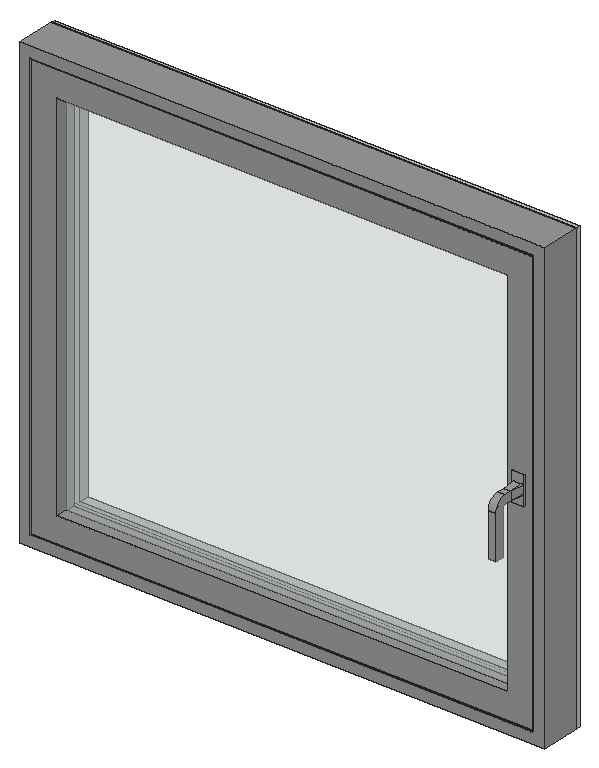
Revit family "Lian - System Window - Wood-Aluminium", category Windows, host Wall, Revit 2017
Family settings
  Host = Wall
  Always vertical = Yes
  Cut with Voids When Loaded = No
  Shared = No
  Room Calculation Point = No
Parameters
  hosted on bimbear.com® = "www.bimbear.com"
  Width = [02.5 - Window Width]  # 1380 mm
  URL = "http://www.lian.no/"
  Type Image = <None>
  Type Comments = "Wood - Aluminium"
  Rough Width = [02 - Opening Width]  # 1400 mm
  Rough Height = [01 - Opening Height]  # 1200 mm
  Opening Lines = no
  OFS = [07 - Offset] + 1500 mm  # 1500 mm
  Model = "Inward Opening - System Window"
  Manufacturer = "Lian"
  Height = [01.5 - Window Height]  # 1180 mm
  GAP = [08 - Sealant Gap] * 2  # 20 mm
  Construction Type = ""
  Assembly Code = ""
  Analytic Construction = "<None>"
  11 - Sound Transmission Class = ""
  10 - Fire Rating = ""
  08 - Sealant Gap = 10 mm
  07 - Offset = 0 mm
  05.5 - Material Glass = Glass
  05.2 - Material Interior Frame = NCS S 0500-N
  05.1 - Material Exterior Frame = RAL 9018
  02.5 - Window Width = [02 - Opening Width] - GAP  # 1380 mm
  02 - Opening Width = 1400 mm
  01.5 - Window Height = [01 - Opening Height] - GAP  # 1180 mm
  01 - Opening Height = 1200 mm
Reference planes
  plane 1 "Wall": y = 0
  plane 2 "Center (Left/Right)": x = 125
  plane 3 "Back": y = 75
  plane 4: x = -575
  plane 5: z = 1200
  plane 6: x = 825
  plane 7: x = -565
  plane 8: z = 10
  plane 9: x = 815
  plane 10: z = 1190
  plane 11 "VINDU": y = 0
  plane 12: y = -1500
  plane 13: z = 600
  plane 14: x = 730.997
  plane 15: x = -480.997
  plane 16: z = 102
  plane 17: z = 1105.997
Forms (mm)
  Extrusion 1, solid, material "Glass" <- "05.5 - Material Glass"
    sketch origin (125, 0, 0) x (0, 1, 0) y (0, 0, 1)
      loop
        line (0, 1105.997) -> (-44, 1105.997) -> (-44, 102) -> (0, 102) -> (0, 1105.997)
    from -605.997 to 605.997
  Sweep 2, solid, material "NCS S 0500-N" <- "05.2 - Material Interior Frame"
    path origin (0, 0, 0) x (0, 0, -1) y (-1, 0, 0)
      loop
        line (-1190, 565) -> (-1190, -815) -> (-10, -815) -> (-10, 565) -> (-1190, 565)
    profile origin (125, 0, 1190) x (0, 0, -1) y (0, 1, 0)
      loop
        line (84.003, -18.045) -> (84.003, 15.775) -> (55, 15.775) -> (55, 31.775) -> (0, 31.775) -> (0, -73.225) -> (27, -73.225) -> (27, -70.225) -> (32, -70.225) -> (32, -73.225) -> (98.003, -73.225) -> (98.003, -44) -> (84.003, -44) -> (84.003, -18.045)
  Sweep 3, solid, material "RAL 9018" <- "05.1 - Material Exterior Frame"
    path origin (0, 0, 0) x (0, 0, -1) y (-1, 0, 0)
      loop
        line (-1190, 565) -> (-1190, -815) -> (-10, -815) -> (-10, 565) -> (-1190, 565)
    profile origin (125, 0, 1190) x (0, 0, -1) y (0, 1, 0)
      loop
        line (0, 42.275) -> (0, 31.775) -> (55, 31.775) -> (55, 15.775) -> (80.003, 15.775) -> (80.003, 0) -> (97.84, 0) -> (97.84, 26.275) -> (58.835, 26.275) -> (58.835, 42.275) -> (0, 42.275)
Lines and regions (mm)
  Opening 1
    outline origin (-5000, -75, 0) x (1, 0, 0) y (0, 0, 1)
      loop
        line (5825, 1200) -> (4425, 1200) -> (4425, 0) -> (5825, 0) -> (5825, 1200)
  symbolic lines, detail levels coarse
    curve 1: line (-575, 0, 0) -> (825, 0, 0)
    curve 2: line (125, 0, 1190) -> (125, 0, 10)
  symbolic lines, style "OpeningLine", visible <- "Opening Lines"
    curve 3: line (717.16, 0, 600) -> (-467.16, 0, 1092.16)
    curve 4: line (717.16, 0, 600) -> (-467.16, 0, 107.84)
    curve 5: line (-467.16, 0, 107.84) -> (125, 0, 1092.16)
    curve 6: line (125, 0, 1092.16) -> (717.16, 0, 107.84)
Text (mm)
  text "Placement Side" at (-1848.837, 1116.779, 0), in view "Ref. Level"
  text "Placement side" at (0, 1409.804, 2854.306), in view "Left"
  text "Placement side" at (0, 499.811, 2980.732), in view "Right"
Dimensions and locks
  locked: plane 3 "Back" to host wall
  equal spacing: plane 6, plane 2 "Center (Left/Right)", plane 4
  "Rough Width": plane 6 to plane 4
  "Rough Height": level to plane 5
  "08 - Sealant Gap": plane 4 to plane 7
  "08 - Sealant Gap": plane 10 to plane 5
  "08 - Sealant Gap": plane 6 to plane 9
  "08 - Sealant Gap": level to plane 8
  plane 1 "Wall" to plane 12 = 1500 mm
  "OFS": plane 11 "VINDU" to plane 12
  equal spacing: plane 5, plane 13, level
  locked: plane 14 to plane 9 at 84.003
  locked: plane 7 to plane 15 at 84.003
  locked: plane 10 to plane 17 at 84.003
  locked: plane 16 to plane 8 at 92
  aligned and locked: plane 1 "Wall" to host wall
  aligned and locked: plane 5 to Opening 1 sketch curve
  aligned and locked: Opening 1 sketch curve to plane 6
  aligned and locked: level to Opening 1 sketch curve
  aligned and locked: Opening 1 sketch curve to plane 4
  aligned and locked: nested 1 to plane 8
  aligned and locked: nested 1 to plane 11 "VINDU"
  aligned and locked: nested 3 to plane 11 "VINDU"
  aligned and locked: nested 4 to plane 11 "VINDU"
  aligned and locked: nested 3 to Extrusion 1 sketch curve
  aligned and locked: nested 3 to plane 17
  aligned and locked: plane 11 "VINDU" to Extrusion 1
  aligned and locked: Sweep 2 sketch curve to plane 10
  aligned and locked: Sweep 2 sketch curve to plane 17
  aligned and locked: plane 16 to nested 3
  aligned and locked: plane 14 to Extrusion 1
  aligned and locked: nested 5 to plane 7
  aligned and locked: plane 11 "VINDU" to nested 5
  aligned and locked: plane 6 to curve 1
  aligned and locked: plane 4 to curve 1
  aligned and locked: curve 1 to plane 11 "VINDU"
  aligned and locked: plane 9 to nested 6
  aligned and locked: plane 10 to curve 2
  aligned and locked: plane 8 to curve 2
  aligned and locked: plane 11 "VINDU" to curve 2
  aligned and locked: nested 6 to plane 11 "VINDU"
  aligned and locked: Extrusion 1 to nested 1
  aligned and locked: plane 10 to Sweep 2
  aligned and locked: plane 17 to nested 2
  aligned and locked: plane 11 "VINDU" to nested 2
  aligned and locked: nested 7 to plane 13
  aligned and locked: nested 7 to plane 14
  aligned and locked: Sweep 2 sketch curve to plane 7
  aligned and locked: Extrusion 1 to plane 15
  aligned and locked: plane 14 to nested 4
  aligned and locked: nested 4 to plane 15
Automatic sketch dimensions
  Sweep 2 sketch curve to plane 9 = 0 mm
  Sweep 2 sketch curve to plane 10 = 0 mm
  Sweep 2 sketch curve to plane 8 = 0 mm
  Extrusion 1 sketch curve to plane 16 = 0 mm
  Extrusion 1 sketch curve to plane 11 "VINDU" = 44 mm
  plane 17 to Extrusion 1 sketch curve = 0 mm
  Sweep 3 sketch curve to plane 9 = 0 mm
  Sweep 3 sketch curve to plane 10 = 0 mm
  plane 7 to Sweep 3 sketch curve = 0 mm
  Sweep 3 sketch curve to plane 8 = 0 mm
  Sweep 3 sketch curve to profile plane = 0 mm
  Sweep 3 sketch curve to plane 11 "VINDU" = 0 mm
  Sweep 3 sketch curve to Sweep 3 sketch curve = 55 mm
  Sweep 3 sketch curve to Sweep 3 sketch curve = 3.835 mm
  Sweep 3 sketch curve to Sweep 3 sketch curve = 21.168 mm
  Sweep 3 sketch curve to Sweep 3 sketch curve = 17.837 mm
  plane 11 "VINDU" to Sweep 3 sketch curve = 15.775 mm
  Sweep 3 sketch curve to Sweep 3 sketch curve = 10.5 mm  (x2)
  Sweep 3 sketch curve to Sweep 3 sketch curve = 5.5 mm
  Sweep 2 sketch curve to profile plane = 27 mm
  Sweep 2 sketch curve to Sweep 2 sketch curve = 29.003 mm
  Sweep 2 sketch curve to Sweep 2 sketch curve = 14 mm
  Sweep 2 sketch curve to plane 11 "VINDU" = 73.225 mm
  Sweep 2 sketch curve to Sweep 2 sketch curve = 29.225 mm
  Sweep 2 sketch curve to plane 11 "VINDU" = 18.045 mm
  plane 11 "VINDU" to Sweep 2 sketch curve = 15.775 mm
  plane 11 "VINDU" to Sweep 2 sketch curve = 31.775 mm
  Sweep 2 sketch curve to Sweep 2 sketch curve = 3 mm
  Sweep 2 sketch curve to Sweep 2 sketch curve = 5 mm
  Sweep 2 sketch curve to Sweep 2 sketch curve = 0 mm
  curve 4 to plane 13 = 0 mm
  curve 5 to plane 17 = 13.837 mm
  plane 16 to curve 5 = 5.84 mm
  curve 3 to plane 14 = 13.837 mm
  plane 15 to curve 5 = 13.837 mm
  curve 3 to plane 17 = 13.837 mm
  plane 16 to curve 6 = 5.84 mm
  curve 6 to plane 14 = 13.837 mm
  plane 15 to curve 3 = 13.837 mm
  curve 6 to plane 2 "Center (Left/Right)" = 0 mm
Nested families
  nested 1: "SV-A-V0104-06" at (1225, 0, 10) x (0, 1, 0) z (-1, 0, 0), type "FV-T-V0104-06"
  nested 2: "SV-A-V0104-03-09" at (825, 0, 1190) x (0, 1, 0) z (1, 0, 0), type "SV-A-V0104-03-09"
  nested 3: "3Glass2D" at (125, 0, 1105.997) x (0, -1, 0) z (1, 0, 0), type "3Glass2D"
    with h 1003.997 mm
  nested 4: "3Glass2D" at (-480.997, 0, 0) x (0, -1, 0) z (0, 0, 1), type "3Glass2D"
    with h 1211.994 mm
  nested 5: "SV-A-V0104-03-09" at (-565, 0, 0) x (0, 1, 0) z (0, 0, 1), type "SV-A-V0104-03-09"
  nested 6: "SV-A-V0104-03-09" at (815, 0, 0) x (0, 1, 0) z (0, 0, 1), type "SV-A-V0104-03-09"
  nested 7: "Håndtak" at (746.655, -73.225, 600) x (0, 0, -1) z (0, -1, 0), type "Håndtak"
Definition of nested family "Håndtak"
  Parameters (values of type "Håndtak")
    Default Elevation = 1219.2 mm
  Reference planes
    plane 1 "Center (Front/Back)": y = 0
    plane 2: z = 0
    plane 3 "Center (Left/Right)": x = 0
  Forms (mm)
    Extrusion 1, solid
      sketch origin (0, 0, 0) x (1, 0, 0) y (0, 1, 0)
        loop
          line (-1219.2, 1219.2) -> (-1219.2, -1219.2) -> (1219.2, -1219.2) -> (1219.2, 1219.2) -> (-1219.2, 1219.2)
      from 0 to -304.8
    Blend 2, solid
      base sketch origin (0, 0, 0) x (1, 0, 0) y (0, 1, 0)
        loop
          arc (14, 9.662) -> (13.169, 11.669) -> (11.162, 12.5) r 2.838
          line (11.162, 12.5) -> (-11.162, 12.5)
          arc (-11.162, 12.5) -> (-13.169, 11.669) -> (-14, 9.662) r 2.838
          line (-14, 9.662) -> (-14, -9.662)
          arc (-14, -9.662) -> (-13.169, -11.669) -> (-11.162, -12.5) r 2.838
          line (-11.162, -12.5) -> (11.162, -12.5)
          arc (11.162, -12.5) -> (13.169, -11.669) -> (14, -9.662) r 2.838
          line (14, -9.662) -> (14, 9.662)
      top sketch origin (0, 0, 0) x (1, 0, 0) y (0, 1, 0)
        loop
          line (11, 9.5) -> (-11, 9.5) -> (-11, -9.5) -> (11, -9.5) -> (11, 9.5)
      from 0 to 35.908
    Sweep 3, solid
      path origin (0, 0, 0) x (1, 0, 0) y (0, 0, 1)
        loop
          line (0, 35.908) -> (0, 55.908)
          arc (0, 55.908) -> (5.858, 70.05) -> (20, 75.908) r 20
          line (20, 75.908) -> (133, 75.908)
      profile origin (0, 0, 45.908) x (-1, 0, 0) y (0, -1, 0)
        loop
          line (-11, -9.5) -> (11, -9.5) -> (11, 9.5) -> (-11, 9.5) -> (-11, -9.5)
    Extrusion 4, solid
      sketch origin (0, 0, 0) x (1, 0, 0) y (0, 1, 0)
        loop
          line (-36.932, 15.592) -> (-36.932, -15.658) -> (38.068, -15.658) -> (38.068, 15.592) -> (-36.932, 15.592)
      from 0 to 2.754
  Cuts and joins
    joined: Blend 2, Sweep 3, Extrusion 4
  Dimensions and locks
    aligned and locked: plane 2 to Extrusion 1
    aligned and locked: level to Extrusion 1
Definition of nested family "SV-A-V0104-06"
  Reference planes
    plane 1 "Center (Front/Back)": y = 0
    plane 2: z = 0
    plane 3 "Center (Left/Right)": x = 0
  Lines and regions (mm)
    Filled region 1, type "LianTre", in view "Ref. Level", detail levels fine
      outline origin (15.775, 51.028, 0) x (1, 0, 0) y (0, 1, 0)
        loop
          line (-1.756, 29.48) -> (-63.041, 37.005) -> (-63.041, 46.5) -> (-66.5, 46.5) -> (-66.5, 49.5) -> (-63.041, 49.5) -> (-63.041, 54)
          arc (-63.041, 54) -> (-63.334, 54.707) -> (-64.041, 55) r 1
          line (-64.041, 55) -> (-84, 55)
          arc (-84, 55) -> (-85.414, 54.414) -> (-86, 53) r 2
          line (-86, 53) -> (-86, 50.604) -> (-88, 50.604)
          arc (-88, 50.604) -> (-88.707, 50.311) -> (-89, 49.604) r 1
          line (-89, 49.604) -> (-89, -9.031)
          arc (-89, -9.031) -> (-88.414, -10.445) -> (-87, -11.031) r 2
          line (-87, -11.031) -> (-73, -11.031)
          arc (-73, -11.031) -> (-72.293, -10.738) -> (-72, -10.031) r 1
          line (-72, -10.031) -> (-72, -4.031) -> (-51.875, -4.031) -> (-51.875, 1.29) -> (-48.375, 1.29) -> (-48.375, -4.031) -> (-38, -4.031)
          arc (-38, -4.031) -> (-37.293, -3.738) -> (-37, -3.031) r 1
          line (-37, -3.031) -> (-37, 14.969) -> (-33, 14.969) -> (-33, 8.924)
          arc (-33, 8.924) -> (-32.671, 8.183) -> (-31.901, 7.929) r 1
          line (-31.901, 7.929) -> (-25.251, 8.594)
          arc (-25.251, 8.594) -> (-24.609, 8.918) -> (-24.35, 9.589) r 1
          line (-24.35, 9.589) -> (-24.35, 12.427)
          arc (-24.35, 12.427) -> (-24.057, 13.134) -> (-23.35, 13.427) r 1
          line (-23.35, 13.427) -> (-17.35, 13.427)
          arc (-17.35, 13.427) -> (-16.643, 13.134) -> (-16.35, 12.427) r 1
          line (-16.35, 12.427) -> (-16.35, 10.586)
          arc (-16.35, 10.586) -> (-16.021, 9.845) -> (-15.251, 9.591) r 1
          line (-15.251, 9.591) -> (-9.901, 10.125)
          arc (-9.901, 10.125) -> (-9.259, 10.449) -> (-9, 11.12) r 1
          line (-9, 11.12) -> (-9, 15.199) -> (-1.802, 15.917)
          arc (-1.802, 15.917) -> (-0.517, 16.565) -> (0, 17.907) r 2
          line (0, 17.907) -> (0, 27.495)
          arc (0, 27.495) -> (-0.502, 28.82) -> (-1.756, 29.48) r 2
    Filled region 2, type "Solid Fill - Black", in view "Ref. Level", detail levels fine
      outline origin (-42.572, 27.13, 0) x (0, -1, 0) y (1, 0, 0)
        loop
          line (-71.113, -7.237) -> (-71.069, -6.175) -> (-70.717, -4.655) -> (-68.868, -4.605) -> (-67.509, -1.69) -> (-68.966, -2.855) -> (-71.921, -2.841) -> (-73.92, -1.68) -> (-73.689, -2.855) -> (-78.891, -2.832) -> (-80.365, -1.655) -> (-78.839, -4.655) -> (-72.978, -4.737) -> (-72.682, -6.246) -> (-72.682, -7.237) -> (-73.397, -6.903) -> (-72.893, -7.69) -> (-71.897, -8.155) -> (-70.836, -7.66) -> (-70.397, -6.903) -> (-71.113, -7.237)
    Masking region 1, in view "Ref. Level", detail levels fine
      outline origin (59.5, 111.023, 0) x (1, 0, 0) y (0, 1, 0)
        loop
          line (-33.225, -44.218) -> (-33.225, -10.023) -> (-56.225, -7.199) -> (-56.225, -12.199) -> (-54.926, -12.199) -> (-54.926, -11.349)
          arc (-54.926, -11.349) -> (-52.775, -13.499) -> (-54.927, -15.649) r 2.15
          line (-54.927, -15.649) -> (-54.927, -14.799) -> (-56.225, -14.799) -> (-56.225, -16.449)
          arc (-56.225, -16.449) -> (-56.078, -16.802) -> (-55.725, -16.949) r 0.5
          line (-55.725, -16.949) -> (-54.925, -16.949)
          arc (-54.925, -16.949) -> (-51.487, -13.785) -> (-54.354, -10.096) r 3.45
          arc (-54.354, -10.096) -> (-54.91, -9.334) -> (-54.16, -8.762) r 0.674
          line (-54.16, -8.762) -> (-34.525, -11.173) -> (-34.525, -27.023) -> (-41.725, -27.023) -> (-41.725, -29.473) -> (-40.45, -29.473) -> (-39.644, -28.323) -> (-36.824, -28.323) -> (-36.824, -29.188) -> (-35.822, -29.188) -> (-35.822, -28.323) -> (-34.525, -28.323) -> (-34.525, -29.995) -> (-34.525, -42.123) -> (-36.714, -42.123) -> (-36.714, -41.116) -> (-37.73, -41.116) -> (-37.73, -42.123) -> (-39.644, -42.123) -> (-40.45, -40.973) -> (-41.725, -40.973) -> (-41.725, -43.423) -> (-34.525, -43.423) -> (-34.525, -44.218) -> (-33.225, -44.218)
    Filled region 3, type "LianTre", in view "Ref. Level", detail levels fine
      outline origin (15.775, 11.031, 0) x (1, 0, 0) y (0, 1, 0)
        loop
          line (-89, 21.969) -> (-89, 7.969) -> (-80, 7.969) -> (-80, -2.031) -> (-88, -2.031)
          arc (-88, -2.031) -> (-88.707, -2.323) -> (-89, -3.031) r 1
          line (-89, -3.031) -> (-89, -9.031)
          arc (-89, -9.031) -> (-88.414, -10.445) -> (-87, -11.031) r 2
          line (-87, -11.031) -> (-74, -11.031) -> (-74, -10.031) -> (-29, -10.031)
          arc (-29, -10.031) -> (-26.879, -9.152) -> (-26, -7.031) r 3
          line (-26, -7.031) -> (-26, -3.031) -> (-19, -3.031) -> (-19, -7.031)
          arc (-19, -7.031) -> (-18.122, -9.152) -> (-16, -10.031) r 3
          line (-16, -10.031) -> (-14, -10.031) -> (-14, -11.031) -> (-5, -11.031)
          arc (-5, -11.031) -> (-3.586, -10.445) -> (-3, -9.031) r 2
          line (-3, -9.031) -> (-3, 2.969) -> (1, 2.969) -> (1, -4.413) -> (13.482, -7.758)
          arc (13.482, -7.758) -> (15.217, -7.413) -> (16, -5.826) r 2
          line (16, -5.826) -> (16, 22.103)
          arc (16, 22.103) -> (15.547, 23.37) -> (14.395, 24.064) r 2
          line (14.395, 24.064) -> (-14, 29.789) -> (-14, 36.872)
          arc (-14, 36.872) -> (-14.263, 37.548) -> (-14.913, 37.868) r 1
          line (-14.913, 37.868) -> (-27.5, 38.969) -> (-27.5, 43.969) -> (-30, 43.969)
          arc (-30, 43.969) -> (-31.414, 43.384) -> (-32, 41.969) r 2
          line (-32, 41.969) -> (-32, 31.969) -> (-53, 31.969)
          arc (-53, 31.969) -> (-53.707, 31.677) -> (-54, 30.969) r 1
          line (-54, 30.969) -> (-54, 23.969) -> (-70, 23.969) -> (-70, 26.969) -> (-73, 23.969) -> (-73, 15.969) -> (-86, 15.969) -> (-86, 23.969) -> (-87, 23.969)
          arc (-87, 23.969) -> (-88.414, 23.384) -> (-89, 21.969) r 2
    Masking region 2, in view "Ref. Level", detail levels fine
      outline origin (59.5, 113.995, 0) x (1, 0, 0) y (0, 1, 0)
        loop
          line (-36.925, -35.295) -> (-36.925, -41.095) -> (-40.625, -43.295) -> (-39.618, -44.732) -> (-34.925, -41.945) -> (-34.925, -34.445) -> (-39.618, -31.658) -> (-40.625, -33.095) -> (-36.925, -35.295)
    Masking region 3, in view "Ref. Level", detail levels fine
      outline origin (59.5, 113.995, 0) x (1, 0, 0) y (0, 1, 0)
        loop
          line (-38.225, -40.075) -> (-43.725, -40.075) -> (-43.725, -47.545) -> (-41.725, -47.545) -> (-41.725, -43.895) -> (-40.285, -43.895) -> (-40.285, -43.093) -> (-38.225, -41.868) -> (-38.225, -40.075)
    Masking region 4, in view "Ref. Level", detail levels fine
      outline origin (59.5, 72.395, 0) x (0, -1, 0) y (1, 0, 0)
        loop
          line (-5.305, -38.225) -> (-7.078, -38.225) -> (-8.303, -40.285) -> (-9.105, -40.285) -> (-9.105, -41.725) -> (-12.755, -41.725) -> (-12.755, -43.725) -> (-5.305, -43.725) -> (-5.305, -38.225)
    Masking region 5, in view "Ref. Level", detail levels fine
      outline origin (59.5, 113.995, 0) x (1, 0, 0) y (0, 1, 0)
        loop
          line (-43.725, -40.075) -> (-36.925, -40.075) -> (-36.925, -36.295) -> (-43.725, -36.295) -> (-43.725, -40.075)
    Filled region 4, type "Solid Fill - Black", in view "Ref. Level", detail levels fine
      outline origin (71.288, 129.368, 0) x (0, 1, 0) y (-1, 0, 0)
        loop
          line (-32.629, 65.48) -> (-33.344, 65.814) -> (-32.905, 65.057) -> (-31.844, 64.563) -> (-30.848, 65.027) -> (-30.344, 65.814) -> (-31.059, 65.48) -> (-31.059, 66.471) -> (-30.763, 67.98) -> (-24.902, 68.063) -> (-23.376, 71.063) -> (-24.85, 69.885) -> (-30.052, 69.863) -> (-29.821, 71.037) -> (-31.821, 69.876) -> (-34.775, 69.863) -> (-36.232, 71.027) -> (-34.873, 68.113) -> (-33.024, 68.063) -> (-32.672, 66.542) -> (-32.629, 65.48)
    Masking region 6, in view "Ref. Level", detail levels fine
      outline origin (75.5, 59.992, 0) x (1, 0, 0) y (0, 1, 0)
        loop
          line (-33.225, -57.992) -> (-33.225, -0.992) -> (-48.725, 0.911) -> (-48.725, -0.398) -> (-37.625, -1.761) -> (-37.625, -4.421) -> (-36.325, -4.421) -> (-36.325, -1.921) -> (-34.525, -2.142) -> (-34.525, -6.942) -> (-36.524, -6.942) -> (-36.524, -8.241) -> (-34.525, -8.241) -> (-34.525, -25.992) -> (-41.725, -25.992) -> (-41.725, -28.492) -> (-40.485, -28.492) -> (-39.644, -27.292) -> (-36.824, -27.292) -> (-36.824, -28.158) -> (-35.822, -28.158) -> (-35.822, -27.292) -> (-34.525, -27.292) -> (-34.525, -41.092) -> (-36.714, -41.092) -> (-36.714, -40.085) -> (-37.73, -40.085) -> (-37.73, -41.092) -> (-39.644, -41.092) -> (-40.485, -39.892) -> (-41.725, -39.892) -> (-41.725, -42.392) -> (-34.525, -42.392) -> (-34.525, -52.695) -> (-41.725, -52.695) -> (-41.725, -53.995) -> (-37.825, -53.995) -> (-37.825, -57.992) -> (-36.525, -57.992) -> (-36.525, -53.995) -> (-34.525, -53.995) -> (-34.525, -57.992) -> (-33.225, -57.992)
    Masking region 7, in view "Ref. Level", detail levels fine
      outline origin (75.5, 63.995, 0) x (1, 0, 0) y (0, 1, 0)
        loop
          line (-36.925, -35.295) -> (-36.925, -41.095) -> (-40.625, -43.295) -> (-39.618, -44.732) -> (-34.925, -41.945) -> (-34.925, -34.445) -> (-39.618, -31.658) -> (-40.625, -33.095) -> (-36.925, -35.295)
    Masking region 8, in view "Ref. Level", detail levels fine
      outline origin (75.5, 63.995, 0) x (1, 0, 0) y (0, 1, 0)
        loop
          line (-38.225, -40.075) -> (-43.725, -40.075) -> (-43.725, -47.545) -> (-41.725, -47.545) -> (-41.725, -43.895) -> (-40.285, -43.895) -> (-40.285, -43.093) -> (-38.225, -41.868) -> (-38.225, -40.075)
    Masking region 9, in view "Ref. Level", detail levels fine
      outline origin (75.5, 22.395, 0) x (0, -1, 0) y (1, 0, 0)
        loop
          line (-5.305, -38.225) -> (-7.078, -38.225) -> (-8.303, -40.285) -> (-9.105, -40.285) -> (-9.105, -41.725) -> (-12.755, -41.725) -> (-12.755, -43.725) -> (-5.305, -43.725) -> (-5.305, -38.225)
    Masking region 10, in view "Ref. Level", detail levels fine
      outline origin (75.5, 63.995, 0) x (1, 0, 0) y (0, 1, 0)
        loop
          line (-43.725, -40.075) -> (-36.925, -40.075) -> (-36.925, -36.295) -> (-43.725, -36.295) -> (-43.725, -40.075)
    Masking region 11, in view "Ref. Level", detail levels fine
      outline origin (8.271, 63.277, 0) x (1, 0, 0) y (0, 1, 0)
        loop
          line (3.004, -13.784) -> (-18.496, -11.903) -> (-18.496, -8.277) -> (-19.996, -8.277) -> (-19.996, -13.277) -> (3.004, -15.289) -> (3.004, -19.746) -> (4.504, -19.746) -> (4.504, -14.034) -> (20.504, -20.825) -> (20.504, -23.589) -> (22.004, -23.589) -> (22.004, -19.832) -> (4.504, -12.404) -> (4.504, -6.047) -> (1.504, -1.762) -> (1.504, -0.289) -> (0.004, -0.289) -> (0.004, -2.235) -> (3.004, -6.52) -> (3.004, -13.784)
    Masking region 12, in view "Ref. Level", detail levels medium
      outline origin (31.775, 51.028, 0) x (1, 0, 0) y (0, 1, 0)
        loop
          line (-5.5, 37) -> (-105, 37) -> (-105, -7.014) -> (-5.5, -7.014) -> (-5.5, 37)
    Masking region 13, in view "Ref. Level", detail levels medium
      outline origin (31.775, 0, 0) x (1, 0, 0) y (0, 1, 0)
        loop
          line (10.5, 44.014) -> (-105, 44.014) -> (-105, 0) -> (10.5, 0) -> (10.5, 44.014)
    detail lines, in view "Ref. Level", detail levels fine
      curve 1: line (-44, 87.632, 0) -> (0, 92, 0)
      curve 2: line (0, 82.229, 0) -> (-44, 92, 0)
      curve 3: line (-44, 92, 0) -> (0, 92, 0)
      curve 4: line (-44, 92, 0) -> (-44, 87.632, 0)
      curve 5: line (0, 92, 0) -> (0, 82.229, 0)
      curve 6: line (-71.225, 35, 0) -> (-71.225, 38.6, 0)
      curve 7: line (-71.225, 38.6, 0) -> (-58.225, 38.6, 0)
      curve 8: line (-58.225, 38.6, 0) -> (-55.821, 41.1, 0)
      curve 9: line (-55.821, 41.1, 0) -> (-39.225, 41.1, 0)
      curve 10: line (-39.225, 41.1, 0) -> (-39.225, 37.6, 0)
      curve 11: line (-38.225, 37.6, 0) -> (-54.225, 37.6, 0)
      curve 12: line (-69.075, 38.6, 0) -> (-69.075, 39.997, 0)
      curve 13: line (-55.375, 41.1, 0) -> (-55.375, 49.497, 0)
      curve 14: line (-55.375, 49.497, 0) -> (-39.075, 49.497, 0)
      curve 15: line (-39.075, 49.497, 0) -> (-39.075, 46.997, 0)
      curve 16: line (-41.075, 49.497, 0) -> (-41.075, 58.997, 0)
      curve 17: line (-41.075, 58.997, 0) -> (-53.375, 58.997, 0)
      curve 18: line (-53.375, 58.997, 0) -> (-53.375, 49.497, 0)
      curve 19: line (-41.075, 46.997, 0) -> (-41.075, 42.997, 0)
      curve 20: line (-41.075, 42.997, 0) -> (-54.075, 42.997, 0)
      curve 21: line (-54.075, 46.997, 0) -> (-54.075, 41.1, 0)
      curve 22: line (-52.725, 41.1, 0) -> (-52.725, 42.497, 0)
      curve 23: line (-52.725, 42.497, 0) -> (-41.725, 42.497, 0)
      curve 24: line (-41.725, 42.497, 0) -> (-41.725, 41.1, 0)
Definition of nested family "SV-A-V0104-03-09"
  Reference planes
    plane 1 "Center (Front/Back)": y = 0
    plane 2: z = 0
    plane 3 "Center (Left/Right)": x = 0
  Lines and regions (mm)
    Filled region 1, type "Solid Fill - Black", in view "Ref. Level", detail levels fine
      outline origin (-1.43, -20.63, 0) x (0, 1, 0) y (-1, 0, 0)
        loop
          line (-71.113, -7.237) -> (-71.069, -6.175) -> (-70.717, -4.655) -> (-68.868, -4.605) -> (-67.509, -1.69) -> (-68.966, -2.855) -> (-71.921, -2.841) -> (-73.92, -1.68) -> (-73.689, -2.855) -> (-78.891, -2.832) -> (-80.365, -1.655) -> (-78.839, -4.655) -> (-72.978, -4.737) -> (-72.682, -6.246) -> (-72.682, -7.237) -> (-73.397, -6.903) -> (-72.893, -7.69) -> (-71.897, -8.155) -> (-70.836, -7.66) -> (-70.397, -6.903) -> (-71.113, -7.237)
    Filled region 2, type "Solid Fill - Black", in view "Ref. Level", detail levels fine
      outline origin (-42.569, -19.106, 0) x (1, 0, 0) y (0, 1, 0)
        loop
          line (-7.237, -71.113) -> (-6.903, -70.397) -> (-7.66, -70.836) -> (-8.155, -71.897) -> (-7.69, -72.893) -> (-6.903, -73.397) -> (-7.237, -72.682) -> (-6.246, -72.682) -> (-4.737, -72.978) -> (-4.655, -78.839) -> (-1.655, -80.365) -> (-2.832, -78.891) -> (-2.855, -73.689) -> (-1.68, -73.92) -> (-2.841, -71.921) -> (-2.855, -68.966) -> (-1.69, -67.509) -> (-4.605, -68.868) -> (-4.655, -70.717) -> (-6.175, -71.069) -> (-7.237, -71.113)
    Filled region 3, type "LianTre", in view "Ref. Level", detail levels fine
      outline origin (70.688, -147.988, 0) x (1, 0, 0) y (0, 1, 0)
        loop
          arc (-118.913, 49.985) -> (-118.205, 50.278) -> (-117.913, 50.985) r 1
          line (-117.913, 50.985) -> (-117.913, 55.485) -> (-121.413, 55.485) -> (-121.413, 58.485) -> (-117.913, 58.485) -> (-117.913, 67.985) -> (-56.913, 67.985)
          arc (-56.913, 67.985) -> (-55.498, 68.571) -> (-54.913, 69.985) r 2
          line (-54.913, 69.985) -> (-54.913, 87.05)
          arc (-54.913, 87.05) -> (-55.43, 88.392) -> (-56.714, 89.04) r 2
          line (-56.714, 89.04) -> (-63.913, 89.759) -> (-63.913, 93.837)
          arc (-63.913, 93.837) -> (-64.171, 94.508) -> (-64.813, 94.832) r 1
          line (-64.813, 94.832) -> (-70.163, 95.366)
          arc (-70.163, 95.366) -> (-70.934, 95.112) -> (-71.263, 94.371) r 1
          line (-71.263, 94.371) -> (-71.263, 92.531)
          arc (-71.263, 92.531) -> (-71.555, 91.824) -> (-72.263, 91.531) r 1
          line (-72.263, 91.531) -> (-78.263, 91.531)
          arc (-78.263, 91.531) -> (-78.97, 91.824) -> (-79.263, 92.531) r 1
          line (-79.263, 92.531) -> (-79.263, 95.368)
          arc (-79.263, 95.368) -> (-79.521, 96.039) -> (-80.163, 96.363) r 1
          line (-80.163, 96.363) -> (-86.813, 97.028)
          arc (-86.813, 97.028) -> (-87.584, 96.774) -> (-87.913, 96.033) r 1
          line (-87.913, 96.033) -> (-87.913, 89.988) -> (-91.912, 89.988) -> (-91.912, 107.988)
          arc (-91.912, 107.988) -> (-92.205, 108.695) -> (-92.913, 108.988) r 1
          line (-92.913, 108.988) -> (-103.288, 108.988) -> (-103.288, 103.667) -> (-106.788, 103.667) -> (-106.788, 108.988) -> (-126.913, 108.988) -> (-126.913, 114.988)
          arc (-126.913, 114.988) -> (-127.205, 115.695) -> (-127.913, 115.988) r 1
          line (-127.913, 115.988) -> (-141.913, 115.988)
          arc (-141.913, 115.988) -> (-143.327, 115.402) -> (-143.913, 113.988) r 2
          line (-143.913, 113.988) -> (-143.913, 55.354)
          arc (-143.913, 55.354) -> (-143.62, 54.646) -> (-142.913, 54.354) r 1
          line (-142.913, 54.354) -> (-140.913, 54.354) -> (-140.913, 51.988)
          arc (-140.913, 51.988) -> (-140.327, 50.574) -> (-138.913, 49.988) r 2
          line (-138.913, 49.988) -> (-118.913, 49.985)
    Masking region 1, in view "Ref. Level", detail levels medium
      outline origin (15.775, -43.003, 0) x (1, 0, 0) y (0, 1, 0)
        loop
          line (-89, 3.001) -> (-89, -37) -> (10.5, -37) -> (10.5, 3.001) -> (-89, 3.001)
    Masking region 2, in view "Ref. Level", detail levels fine
      outline origin (-13.217, -43.003, 0) x (1, 0, 0) y (0, 1, 0)
        loop
          line (39.492, -18.783) -> (38.192, -18.783) -> (38.192, -19.597) -> (30.992, -19.597) -> (30.992, -22.047) -> (32.267, -22.047) -> (33.073, -20.897) -> (34.987, -20.897) -> (34.987, -21.903) -> (36.003, -21.903) -> (36.003, -20.897) -> (38.192, -20.897) -> (38.192, -34.697) -> (36.895, -34.697) -> (36.895, -33.831) -> (35.893, -33.831) -> (35.893, -34.697) -> (33.073, -34.697) -> (32.267, -33.547) -> (30.992, -33.547) -> (30.992, -35.997) -> (38.192, -35.997) -> (38.192, -51.85) -> (18.557, -54.261)
          arc (18.557, -54.261) -> (17.808, -53.688) -> (18.363, -52.926) r 0.674
          arc (18.363, -52.926) -> (21.231, -49.238) -> (17.792, -46.074) r 3.45
          line (17.792, -46.074) -> (16.992, -46.074)
          arc (16.992, -46.074) -> (16.639, -46.22) -> (16.492, -46.574) r 0.5
          line (16.492, -46.574) -> (16.492, -48.224) -> (17.79, -48.224) -> (17.79, -47.374)
          arc (17.79, -47.374) -> (19.942, -49.523) -> (17.791, -51.674) r 2.15
          line (17.791, -51.674) -> (17.791, -50.824) -> (16.492, -50.824) -> (16.492, -55.824) -> (39.492, -53) -> (39.492, -18.783)
    Masking region 3, in view "Ref. Level", detail levels fine
      outline origin (-13.217, -50, 0) x (1, 0, 0) y (0, 1, 0)
        loop
          line (35.792, -23.7) -> (32.092, -25.9) -> (33.099, -27.337) -> (37.792, -24.55) -> (37.792, -17.05) -> (33.099, -14.263) -> (32.092, -15.7) -> (35.792, -17.9) -> (35.792, -23.7)
    Masking region 4, in view "Ref. Level", detail levels fine
      outline origin (-13.217, -91.6, 0) x (0, -1, 0) y (1, 0, 0)
        loop
          line (-18.9, 34.492) -> (-18.9, 28.992) -> (-11.45, 28.992) -> (-11.45, 30.992) -> (-15.05, 30.992) -> (-15.05, 32.432) -> (-15.902, 32.432) -> (-17.127, 34.492) -> (-18.9, 34.492)
    Masking region 5, in view "Ref. Level", detail levels fine
      outline origin (-13.217, -50, 0) x (1, 0, 0) y (0, 1, 0)
        loop
          line (28.992, -18.92) -> (28.992, -22.7) -> (35.792, -22.7) -> (35.792, -18.92) -> (28.992, -18.92)
    Masking region 6, in view "Ref. Level", detail levels fine
      outline origin (-13.217, -50, 0) x (1, 0, 0) y (0, 1, 0)
        loop
          line (34.492, -18.92) -> (34.492, -17.127) -> (32.432, -15.902) -> (32.432, -15.05) -> (30.992, -15.05) -> (30.992, -11.45) -> (28.992, -11.45) -> (28.992, -18.92) -> (34.492, -18.92)
    Filled region 4, type "Solid Fill - Black", in view "Ref. Level", detail levels fine
      outline origin (-24.266, 22.004, 0) x (1, 0, 0) y (0, 1, 0)
        loop
          line (3.041, -78.553) -> (3.541, -80.004) -> (7.038, -77.172) -> (7.038, -76.371) -> (3.541, -79.36) -> (4.029, -77.564) -> (4.029, -74.004)
          arc (4.029, -74.004) -> (4.176, -73.65) -> (4.529, -73.504) r 0.5
          line (4.529, -73.504) -> (7.041, -73.504)
          arc (7.041, -73.504) -> (7.748, -73.211) -> (8.041, -72.504) r 1
          arc (8.041, -72.504) -> (7.636, -67.754) -> (8.041, -63.004) r 28.057
          arc (8.041, -63.004) -> (7.455, -61.59) -> (6.041, -61.004) r 2
          line (6.041, -61.004) -> (3.541, -61.004)
          arc (3.541, -61.004) -> (3.188, -61.15) -> (3.041, -61.504) r 0.5
          line (3.041, -61.504) -> (3.041, -78.553)
    Filled region 5, type "LianTre", in view "Ref. Level", detail levels fine
      outline origin (0, -43.003, 0) x (1, 0, 0) y (0, 1, 0)
        loop
          arc (31.775, 41.003) -> (31.189, 42.417) -> (29.775, 43.003) r 2
          line (29.775, 43.003) -> (1.775, 43.003) -> (1.775, 42.003) -> (-0.225, 42.003)
          arc (-0.225, 42.003) -> (-2.346, 41.124) -> (-3.225, 39.003) r 3
          line (-3.225, 39.003) -> (-3.225, 35.003) -> (-10.225, 35.003) -> (-10.225, 39.003)
          arc (-10.225, 39.003) -> (-11.104, 41.124) -> (-13.225, 42.003) r 3
          line (-13.225, 42.003) -> (-58.225, 42.003) -> (-58.225, 43.003) -> (-71.225, 43.003)
          arc (-71.225, 43.003) -> (-72.639, 42.417) -> (-73.225, 41.003) r 2
          line (-73.225, 41.003) -> (-73.225, 35.003)
          arc (-73.225, 35.003) -> (-72.932, 34.296) -> (-72.225, 34.003) r 1
          line (-72.225, 34.003) -> (-64.225, 34.003) -> (-64.225, 24.003) -> (-73.225, 24.003) -> (-73.225, 18.003)
          arc (-73.225, 18.003) -> (-72.639, 16.589) -> (-71.225, 16.003) r 2
          line (-71.225, 16.003) -> (-38.225, 16.003) -> (-38.225, 9.003)
          arc (-38.225, 9.003) -> (-37.932, 8.296) -> (-37.225, 8.003) r 1
          line (-37.225, 8.003) -> (-16.225, 8.003) -> (-16.225, -2.997)
          arc (-16.225, -2.997) -> (-15.932, -3.704) -> (-15.225, -3.997) r 1
          line (-15.225, -3.997) -> (-9.225, -3.997)
          arc (-9.225, -3.997) -> (-8.518, -3.704) -> (-8.225, -2.997) r 1
          line (-8.225, -2.997) -> (-8.225, 1.003) -> (-0.225, 1.003) -> (-0.225, -2.997)
          arc (-0.225, -2.997) -> (0.068, -3.704) -> (0.775, -3.997) r 1
          line (0.775, -3.997) -> (7.775, -3.997) -> (7.775, -10.997)
          arc (7.775, -10.997) -> (8.068, -11.704) -> (8.775, -11.997) r 1
          line (8.775, -11.997) -> (29.775, -11.997)
          arc (29.775, -11.997) -> (31.189, -11.411) -> (31.775, -9.997) r 2
          line (31.775, -9.997) -> (31.775, 41.003)
    Masking region 7, in view "Ref. Level", detail levels fine
      outline origin (2.783, -4, 0) x (1, 0, 0) y (0, 1, 0)
        loop
          line (35.792, -23.7) -> (32.092, -25.9) -> (33.099, -27.337) -> (37.792, -24.55) -> (37.792, -17.05) -> (33.099, -14.263) -> (32.092, -15.7) -> (35.792, -17.9) -> (35.792, -23.7)
    Masking region 8, in view "Ref. Level", detail levels fine
      outline origin (2.783, -45.6, 0) x (0, -1, 0) y (1, 0, 0)
        loop
          line (-18.9, 34.492) -> (-18.9, 28.992) -> (-11.45, 28.992) -> (-11.45, 30.992) -> (-15.05, 30.992) -> (-15.05, 32.432) -> (-15.902, 32.432) -> (-17.127, 34.492) -> (-18.9, 34.492)
    Masking region 9, in view "Ref. Level", detail levels fine
      outline origin (2.783, -4, 0) x (1, 0, 0) y (0, 1, 0)
        loop
          line (28.992, -18.92) -> (28.992, -22.7) -> (35.792, -22.7) -> (35.792, -18.92) -> (28.992, -18.92)
    Masking region 10, in view "Ref. Level", detail levels fine
      outline origin (2.783, -4, 0) x (1, 0, 0) y (0, 1, 0)
        loop
          line (34.492, -18.92) -> (34.492, -17.127) -> (32.432, -15.902) -> (32.432, -15.05) -> (30.992, -15.05) -> (30.992, -11.45) -> (28.992, -11.45) -> (28.992, -18.92) -> (34.492, -18.92)
    Masking region 11, in view "Ref. Level", detail levels fine
      outline origin (2.783, -4, 0) x (1, 0, 0) y (0, 1, 0)
        loop
          line (39.492, 2.994) -> (38.192, 2.994) -> (38.192, -1.003) -> (36.192, -1.003) -> (36.192, 2.994) -> (34.892, 2.994) -> (34.892, -1.003) -> (30.992, -1.003) -> (30.992, -2.303) -> (38.192, -2.303) -> (38.192, -12.6) -> (30.992, -12.6) -> (30.992, -15.05) -> (32.267, -15.05) -> (33.073, -13.9) -> (34.987, -13.9) -> (34.987, -14.906) -> (36.003, -14.906) -> (36.003, -13.9) -> (38.192, -13.9) -> (38.192, -27.7) -> (36.895, -27.7) -> (36.895, -26.834) -> (35.893, -26.834) -> (35.893, -27.7) -> (33.073, -27.7) -> (32.267, -26.55) -> (30.992, -26.55) -> (30.992, -29) -> (38.192, -29) -> (38.192, -46.75) -> (36.192, -46.75) -> (36.192, -48.05) -> (38.192, -48.05) -> (38.192, -52.846) -> (36.392, -53.067) -> (36.392, -50.571) -> (35.092, -50.571) -> (35.092, -53.227) -> (23.996, -54.589) -> (23.996, -55.899) -> (39.492, -53.996) -> (39.492, 2.994)
    Masking region 12, in view "Ref. Level", detail levels fine
      outline origin (2.783, -4, 0) x (1, 0, 0) y (0, 1, 0)
        loop
          line (35.792, -23.7) -> (32.092, -25.9) -> (33.099, -27.337) -> (37.792, -24.55) -> (37.792, -17.05) -> (33.099, -14.263) -> (32.092, -15.7) -> (35.792, -17.9) -> (35.792, -23.7)
    Masking region 13, in view "Ref. Level", detail levels fine
      outline origin (2.783, -4, 0) x (1, 0, 0) y (0, 1, 0)
        loop
          line (34.492, -18.92) -> (34.492, -17.127) -> (32.432, -15.902) -> (32.432, -15.1) -> (30.992, -15.1) -> (30.992, -11.45) -> (28.992, -11.45) -> (28.992, -18.92) -> (34.492, -18.92)
    Masking region 14, in view "Ref. Level", detail levels fine
      outline origin (2.783, -45.6, 0) x (0, -1, 0) y (1, 0, 0)
        loop
          line (-18.92, 34.492) -> (-18.92, 28.992) -> (-11.45, 28.992) -> (-11.45, 30.992) -> (-15.1, 30.992) -> (-15.1, 32.432) -> (-15.902, 32.432) -> (-17.127, 34.492) -> (-18.92, 34.492)
    Masking region 15, in view "Ref. Level", detail levels fine
      outline origin (2.783, -4, 0) x (1, 0, 0) y (0, 1, 0)
        loop
          line (28.992, -18.92) -> (28.992, -22.7) -> (35.792, -22.7) -> (35.792, -18.92) -> (28.992, -18.92)
    Masking region 16, in view "Ref. Level", detail levels medium
      outline origin (15.775, -4.003, 0) x (1, 0, 0) y (0, 1, 0)
        loop
          line (-89, 4.003) -> (-89, -35.999) -> (26.5, -35.999) -> (26.5, 4.003) -> (-89, 4.003)
    detail lines, in view "Ref. Level", detail levels fine
      curve 1: line (-44, -80.003, 0) -> (0, -84.003, 0)
      curve 2: line (0, -84.003, 0) -> (0, -80.003, 0)
      curve 3: line (0, -80.003, 0) -> (-44, -84.003, 0)
      curve 4: line (-44, -84.003, 0) -> (-44, -80.003, 0)
      curve 5: line (0, -84.003, 0) -> (-44, -84.003, 0)
      curve 6: line (-70.225, -19, 0) -> (-70.225, -32, 0)
      curve 7: line (-64.225, -19, 0) -> (-57.225, -19, 0)
      curve 8: line (-57.225, -19, 0) -> (-57.225, -27, 0)
      curve 9: line (-70.225, -31, 0) -> (-54.225, -31, 0)
      curve 10: line (-54.225, -27, 0) -> (-54.225, -32, 0)
      curve 11: line (-54.225, -32, 0) -> (-38.225, -32, 0)
      curve 12: line (-39.075, -32, 0) -> (-39.075, -41.5, 0)
      curve 13: line (-39.075, -41.5, 0) -> (-55.375, -41.5, 0)
      curve 14: line (-55.375, -41.5, 0) -> (-55.375, -39, 0)
      curve 15: line (-53.225, -39, 0) -> (-53.225, -27, 0)
      curve 16: line (-53.375, -51, 0) -> (-53.375, -41.5, 0)
      curve 17: line (-41.075, -41.5, 0) -> (-41.075, -51, 0)
      curve 18: line (-41.075, -51, 0) -> (-53.375, -51, 0)
      curve 19: line (-38.225, -39, 0) -> (-38.225, -34, 0)
Definition of nested family "3Glass2D"
  Parameters (values of type "3Glass2D")
    h [instance] = 126.931 mm
  Reference planes
    plane 1 "Center (Front/Back)": y = 0
    plane 2: z = 0
    plane 3 "Center (Left/Right)": x = 0
    plane 4: y = 126.931
    plane 5: y = -4
    plane 6: y = 130.931
  Lines and regions (mm)
    Filled region 1, type "Glass Hatch", in view "Ref. Level", detail levels fine
      outline origin (305.983, -18.8, 0) x (1, 0, 0) y (0, 1, 0)
        loop
          line (-261.983, 18.8) -> (-261.983, 145.731) -> (-265.983, 145.731) -> (-265.983, 18.8) -> (-261.983, 18.8)
        loop
          line (-281.983, 18.8) -> (-281.983, 145.731) -> (-285.983, 145.731) -> (-285.983, 18.8) -> (-281.983, 18.8)
        loop
          line (-301.983, 18.8) -> (-301.983, 145.731) -> (-305.983, 145.731) -> (-305.983, 18.8) -> (-301.983, 18.8)
    Masking region 1, in view "Ref. Level", detail levels medium
      outline origin (0, 0, 0) x (1, 0, 0) y (0, 1, 0)
        loop
          line (44, -4) -> (44, 130.931) -> (0, 130.931) -> (0, -4) -> (44, -4)
    Masking region 2, in view "Ref. Level", detail levels fine
      outline origin (0, 0, 0) x (1, 0, 0) y (0, 1, 0)
        loop
          line (4, 12) -> (4, 0) -> (20, 0) -> (20, 12) -> (4, 12)
        loop
          line (6, 10) -> (6, 2) -> (18, 2) -> (18, 10) -> (6, 10)
        loop
          line (24, 12) -> (24, 0) -> (40, 0) -> (40, 12) -> (24, 12)
        loop
          line (38, 2) -> (38, 10) -> (26, 10) -> (26, 2) -> (38, 2)
    Masking region 3, in view "Ref. Level", detail levels fine
      outline origin (0, 126.931, 0) x (0, -1, 0) y (1, 0, 0)
        loop
          line (12, 4) -> (12, 20) -> (0, 20) -> (0, 4) -> (12, 4)
        loop
          line (10, 6) -> (10, 18) -> (2, 18) -> (2, 6) -> (10, 6)
        loop
          line (12, 24) -> (12, 40) -> (0, 40) -> (0, 24) -> (12, 24)
        loop
          line (2, 38) -> (2, 26) -> (10, 26) -> (10, 38) -> (2, 38)
  Dimensions and locks
    "h": plane 1 "Center (Front/Back)" to plane 4
    locked: plane 6 to plane 4 at 4
    locked: plane 5 to plane 1 "Center (Front/Back)" at 4
    aligned and locked: plane 4 to Filled region 1  (x3)
    aligned and locked: plane 1 "Center (Front/Back)" to Filled region 1  (x3)
    aligned and locked: Filled region 1 sketch curve to plane 1 "Center (Front/Back)"  (x3)
    aligned and locked: Masking region 1 to plane 6
  Automatic sketch dimensions
    Filled region 1 sketch curve to plane 3 "Center (Left/Right)" = 0 mm
    Filled region 1 sketch curve to plane 4 = 0 mm  (x3)
    plane 3 "Center (Left/Right)" to Filled region 1 sketch curve = 4 mm
    Filled region 1 sketch curve to Filled region 1 sketch curve = 16 mm  (x2)
    Filled region 1 sketch curve to Filled region 1 sketch curve = 4 mm  (x2)
    Masking region 1 sketch curve to plane 3 "Center (Left/Right)" = 0 mm
    plane 3 "Center (Left/Right)" to Masking region 1 sketch curve = 44 mm
    plane 1 "Center (Front/Back)" to Masking region 2 sketch curve = 0 mm  (x2)
    plane 3 "Center (Left/Right)" to Masking region 2 sketch curve = 4 mm
    Masking region 2 sketch curve to Masking region 2 sketch curve = 2 mm  (x6)
    Masking region 2 sketch curve to Masking region 2 sketch curve = 12 mm  (x2)
    Masking region 2 sketch curve to Masking region 2 sketch curve = 4 mm
    Masking region 2 sketch curve to plane 1 "Center (Front/Back)" = 2 mm  (x2)
    Masking region 2 sketch curve to Masking region 2 sketch curve = 8 mm  (x2)
    Masking region 3 sketch curve to plane 4 = 0 mm  (x2)
    Masking region 3 sketch curve to plane 4 = 2 mm  (x2)
    Masking region 3 sketch curve to Masking region 3 sketch curve = 8 mm  (x2)
    Masking region 3 sketch curve to Masking region 3 sketch curve = 2 mm  (x6)
    plane 3 "Center (Left/Right)" to Masking region 3 sketch curve = 4 mm
    Masking region 3 sketch curve to Masking region 3 sketch curve = 12 mm  (x2)
    Masking region 3 sketch curve to Masking region 3 sketch curve = 4 mm
    plane 5 to Masking region 1 sketch curve = 0 mm
    plane 4 to Masking region 1 sketch curve = 4 mm
